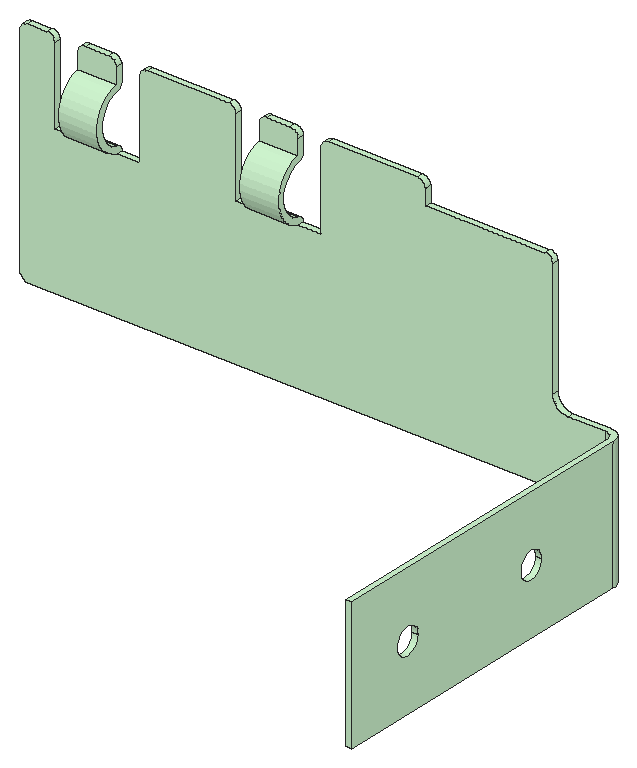
Revit family "eTLクロスH=8(30-35兼用ビス)右", category 機械設備, Revit 2020
Family settings
  丸型コネクタ寸法 = 直径を使用
  種別 = なし
  パーツ タイプ = 標準
  作業面ベース = いいえ
  常に垂直 = はい
  ロード時にボイドで切り取り = いいえ
  共有 = いいえ
  部屋計算ポイント = いいえ
Parameters
  製造元 = "株式会社桐井製作所"
  既定の高さ = 0 mm
  URL = "https://www.kirii.co.jp/"
  K_材質 = "溶融亜鉛めっき鋼板及び鋼帯 SGCC 一般用"
  K_品名 = "eTLクロスH=8(30-35兼用ビス)右"
  K_名称 = "eTLクロス"
  K_入数 = "400"
  K_備考 = "対象Tバー:eT4015、eY4815　対象Lバー:eL3025(30面)、eL3520(35面)"
  K_バージョン情報 = "20220411"
  K_めっき付着量 = "Z12"
  K_JIS規格 = "JIS G 3302"
Reference planes
  plane 1 "中心(正面/背面)": y = 0
  plane 2: z = 0
  plane 3 "中心(左/右)": x = 0
Forms (mm)
  Extrusion 1, solid
    sketch origin (0, 0, 0) x (-1, 0, 0) y (0, -1, 0)
      loop
        line (69.8, 0.8) -> (-6, 0.8)
        arc (-6, 0.8) -> (-6.849, 1.151) -> (-7.2, 2) r 1.2
        line (-7.2, 2) -> (-7.2, 44.3) -> (-8, 44.3) -> (-8, 2)
        arc (-8, 2) -> (-7.414, 0.586) -> (-6, 0) r 2
        line (-6, 0) -> (69.8, 0) -> (69.8, 0.8)
    from -8 to 30
  Extrusion 2, void
    sketch origin (0, 0, 0) x (0, 1, 0) y (0, 0, 1)
      loop
        line (-44.3, 30) -> (-44.3, 9) -> (0, 9) -> (0, 30) -> (-44.3, 30)
    from 7.2 to 8
  Extrusion 3, void
    sketch origin (0, 0, 0) x (1, 0, 0) y (0, 0, 1)
      loop
        line (7.2, 30) -> (-18.3, 30)
        arc (-18.3, 30) -> (-17.593, 29.707) -> (-17.3, 29) r 1
        line (-17.3, 29) -> (-17.3, 27) -> (-1.8, 27)
        arc (-1.8, 27) -> (-1.093, 26.707) -> (-0.8, 26) r 1
        line (-0.8, 26) -> (-0.8, 11)
        arc (-0.8, 11) -> (-0.214, 9.586) -> (1.2, 9) r 2
        line (1.2, 9) -> (7.2, 9) -> (7.2, 30)
    from 0 to 1.853
  Extrusion 4, void
    sketch origin (0, 0, 0) x (1, 0, 0) y (0, 0, 1)
      loop
        line (-65.3, 29) -> (-65.3, 19) -> (-54.3, 19) -> (-54.3, 29)
        arc (-54.3, 29) -> (-54.007, 29.707) -> (-53.3, 30) r 1
        line (-53.3, 30) -> (-66.3, 30)
        arc (-66.3, 30) -> (-65.593, 29.707) -> (-65.3, 29) r 1
    from 0 to 0.8
  Extrusion 5, solid
    sketch origin (-23.5, 0, 0) x (0, 1, 0) y (0, 0, -1)
      loop
        arc (-0.8, -19) -> (-4, -23) -> (-0.8, -27) r 4.1
        line (-0.8, -27) -> (-0.8, -30) -> (0, -30) -> (0, -27)
        arc (0, -27) -> (-0.175, -26.5) -> (-0.624, -26.22) r 0.8
        arc (-0.624, -26.22) -> (-3.2, -23) -> (-0.624, -19.78) r 3.3
        arc (-0.624, -19.78) -> (-0.175, -19.5) -> (0, -19) r 0.8
        line (0, -19) -> (-0.8, -19)
    from 33.8 to 38.8
  Extrusion 6, void
    sketch origin (23.5, 0, 0) x (1, 0, 0) y (0, 0, 1)
      loop
        line (-65.3, 29) -> (-65.3, 19) -> (-54.3, 19) -> (-54.3, 29)
        arc (-54.3, 29) -> (-54.007, 29.707) -> (-53.3, 30) r 1
        line (-53.3, 30) -> (-66.3, 30)
        arc (-66.3, 30) -> (-65.593, 29.707) -> (-65.3, 29) r 1
    from 0 to 0.8
  Extrusion 7, solid
    sketch origin (0, 0, 0) x (0, 1, 0) y (0, 0, -1)
      loop
        arc (-0.8, -19) -> (-4, -23) -> (-0.8, -27) r 4.1
        line (-0.8, -27) -> (-0.8, -30) -> (0, -30) -> (0, -27)
        arc (0, -27) -> (-0.175, -26.5) -> (-0.624, -26.22) r 0.8
        arc (-0.624, -26.22) -> (-3.2, -23) -> (-0.624, -19.78) r 3.3
        arc (-0.624, -19.78) -> (-0.175, -19.5) -> (0, -19) r 0.8
        line (0, -19) -> (-0.8, -19)
    from 33.8 to 38.8
  Extrusion 8, void
    sketch origin (0, 0, 0) x (0, 1, 0) y (0, 0, 1)
      loop
        circle (-35.3, 0.5) r 1.75
    from 7.2 to 8
  Extrusion 9, void
    sketch origin (0, 0, 0) x (1, 0, 0) y (0, 0, 1)
      loop
        line (-61.3, 30) -> (-62.3, 30) -> (-62.3, 29)
        arc (-62.3, 29) -> (-62.007, 29.707) -> (-61.3, 30) r 1
    from 0 to 0.8
  Extrusion 10, void
    sketch origin (-119.6, 0, 0) x (-1, 0, 0) y (0, 0, -1)
      loop
        arc (-61.3, -30) -> (-62.007, -29.707) -> (-62.3, -29) r 1
        line (-62.3, -29) -> (-62.3, -30) -> (-61.3, -30)
    from 0 to 0.8
  Extrusion 11, void
    sketch origin (23.5, 0, 0) x (1, 0, 0) y (0, 0, 1)
      loop
        line (-61.3, 30) -> (-62.3, 30) -> (-62.3, 29)
        arc (-62.3, 29) -> (-62.007, 29.707) -> (-61.3, 30) r 1
    from 0 to 0.8
  Extrusion 12, void
    sketch origin (-96.1, 0, 0) x (-1, 0, 0) y (0, 0, -1)
      loop
        arc (-61.3, -30) -> (-62.007, -29.707) -> (-62.3, -29) r 1
        line (-62.3, -29) -> (-62.3, -30) -> (-61.3, -30)
    from 0 to 0.8
  Extrusion 13, void
    sketch origin (-7.5, 0, 0) x (1, 0, 0) y (0, 0, 1)
      loop
        line (-61.3, 30) -> (-62.3, 30) -> (-62.3, 29)
        arc (-62.3, 29) -> (-62.007, 29.707) -> (-61.3, 30) r 1
    from 0 to 0.8
  Extrusion 14, void
    sketch origin (0, 20, 0) x (0, 1, 0) y (0, 0, 1)
      loop
        circle (-35.3, 0.5) r 1.75
    from 7.2 to 8
  Extrusion 15, void
    sketch origin (0, 0, 0) x (1, 0, 0) y (0, 0, 1)
      loop
        line (-69.8, -8) -> (1, -8)
        arc (1, -8) -> (0.293, -7.707) -> (0, -7) r 1
        line (0, -7) -> (0, 0) -> (-68.8, 0)
        arc (-68.8, 0) -> (-69.507, 0.293) -> (-69.8, 1) r 1
        line (-69.8, 1) -> (-69.8, -8)
    from 0 to 0.8
Cuts and joins
  Extrusion 2, Extrusion 3, Extrusion 4, Extrusion 6, Extrusion 8, Extrusion 13, Extrusion 14, Extrusion 15 cuts Extrusion 1
  Extrusion 6, Extrusion 9, Extrusion 10, Extrusion 11, Extrusion 12, Extrusion 13 cuts Extrusion 5
  Extrusion 11, Extrusion 12 cuts Extrusion 7
Dimensions and locks
  aligned and locked: level to plane 2
